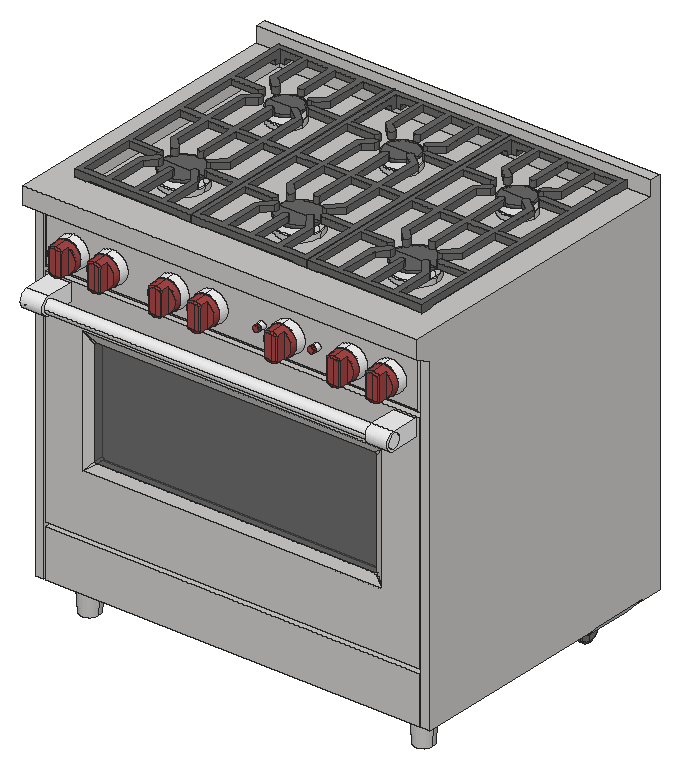
Revit family "3e45800c755b44e1bf6d2ba7461729b3", category Specialty Equipment, Revit 2021
Family settings
  Round Connector Dimension = Use Diameter
  Part Type = Normal
  OmniClass Number = 23.40.40.14
  OmniClass Title = Food Service Equipment
  Work Plane-Based = No
  Always vertical = Yes
  Cut with Voids When Loaded = No
  Shared = No
  Room Calculation Point = No
Parameters (values of type "Burners")
  Width = 2' - 11 7/8"
  Wall Offset = 0' - 0"
  Voltage = 120 V
  Type Comments = ""
  Trim Finish = Appliance - Chrome
  Show Label = yes
  Power Consumption = 500 VA
  Label = "Range"
  Knob = Appliance - Plastic - Red
  Height = 3' - 0.9685"
  Griddle = Appliance - Stainless Steel - Brushed
  Grate Width = (Width - 0' 4 1/4") / 3 - 0' 0 1/32" + 0' 0 1/32"  # 0' - 10.54167"
  Grate Depth = Depth - 0' 4 79/256"  # 1' - 11.25046"
  Glass = Appliance - Oven Glass
  Description = "Range"
  Depth = 2' - 3.55906"
  Default Elevation = 0' - 0"
  Center Grate = Cook Surface : Burners
  Center Burners = yes
  Burner = Appliance - Burner Cover
  Assembly Code = "E1090320"
  Appliance Finish = Appliance - Stainless Steel - Semi-Polished
  Amperage = Power Consumption / Voltage  # 4.16667 A
Types (3): name | Height | Grate Depth | Depth | Center Grate | Center Burners
  Burners | 3' - 0.9685" | 1' - 11.25046" | 2' - 3.55906" | Cook Surface : Burners | yes
  Griddle | 3' - 0 31/32" | 1' - 11 1/4" | 2' - 3 143/256" | Cook Surface : Griddle | no
  Grill | 3' - 0.9685" | 1' - 11.25046" | 2' - 3.55906" | Cook Surface : Grill | no
Reference planes (in)
  plane 1 "Back": y = 0
  plane 2: z = 0
  plane 3 "Center (Left/Right)": x = 0
  plane 4 "Left": x = -17.9375
  plane 5 "Right": x = 17.9375
  plane 6: y = 0
  plane 7 "Edge": y = -27.559056
  plane 8 "Door Back": y = -24.2519694
  plane 9 "Top": z = 36.9685049
  plane 10 "B.O. Unit": z = 3.1496065
  plane 11 "Burner": z = 35.5905504
  plane 12: z = 7.8740158
  plane 13 "Handle": z = 27.4013309
  plane 14 "Knobs": z = 30.8552971
  plane 15 "Door Face": y = -26.1417332
  plane 16: y = -24.9606308
  plane 17: z = 2.2834645
  plane 18: z = 1.1023622
  plane 19 "Wheels": y = -4.7244101
  plane 20: z = 1
  plane 21: x = 15.75
  plane 22 "3": x = -15.875
  plane 23: x = 9.425
  plane 24: x = -9.55
  plane 25: x = -17.9375
  plane 26: x = -3.225
  plane 27: x = 3.1
  plane 28: x = -14.4375
  plane 29: x = -10.8941928
  plane 30: x = 14.4375
  plane 31: x = 10.8941946
  plane 32: x = 5.89375
  plane 33: z = 34.3330736
  plane 34: x = -17.9375
  plane 35: x = 0
  plane 36: y = -37.559056
  plane 37: x = 0.4
  plane 38: x = 1.2
  plane 39: x = 11.15625
  plane 40 "1": x = -5.3333333
  plane 41: x = 3.9583333
  plane 42 "2": x = 5.2083333
  plane 43: x = -19.1875
  plane 44: x = 7.625
  plane 45: x = -1.8020833
  plane 46: x = 1.6770833
  plane 47: x = 2.7083333
  plane 48: x = 7.7083333
Forms (in)
  Extrusion 1, void
    sketch origin (0, 0, 36.9685049) x (-1, 0, 0) y (0, -1, 0)
      loop
        line (15.875, 1) -> (15.875, 24.2519694) -> (-15.75, 24.2519694) -> (-15.75, 1) -> (15.875, 1)
    from 0 to -2.6354313
  Extrusion 2, solid, material "Appliance - Stainless Steel - Semi-Polished" <- "Appliance Finish"
    sketch origin (0, 0, 0) x (0, 1, 0) y (0, 0, 1)
      loop
        line (-1, 36.9685049) -> (-1, 35.5905504) -> (-27.559056, 35.5905504) -> (-27.559056, 34.015749) -> (-26.1417332, 33.2283468) -> (-26.1417332, 3.1496065) -> (0, 3.1496065) -> (0, 36.9685049) -> (-1, 36.9685049)
    from -17.9375 to 17.9375
  Extrusion 3, void
    sketch origin (0, -26.1417332, 0) x (0, 0, 1) y (-1, 0, 0)
      loop
        line (33.2283468, 17.1500984) -> (3.1496065, 17.1500984) -> (3.1496065, -17.1501007) -> (33.2283468, -17.1501007) -> (33.2283468, 17.1500984)
    from -1.8897638 to 0
  Extrusion 4, solid, material "Appliance - Stainless Steel - Semi-Polished" <- "Appliance Finish"
    sketch origin (0, 0, 0) x (0, 1, 0) y (0, 0, 1)
      loop
        line (-24.9606308, 7.4803147) -> (-26.1417332, 7.4803147) -> (-26.1417332, 3.1496065) -> (-24.9606308, 3.1496065) -> (-24.9606308, 7.4803147)
      loop
        line (-24.2519694, 33.2283468) -> (-26.1417332, 33.2283468) -> (-26.1417332, 28.7401571) -> (-24.2519694, 28.7401571) -> (-24.2519694, 33.2283468)
      loop
        line (-24.9606308, 28.3464575) -> (-26.1417332, 28.3464575) -> (-26.1417332, 7.8740158) -> (-24.9606308, 7.8740158) -> (-24.9606308, 28.3464575)
    from -17.0234375 to 17.0234375
  Extrusion 5, void
    sketch origin (0, -26.1417332, 0) x (0, 0, 1) y (-1, 0, 0)
      loop
        arc (23.8186522, 12.65625) -> (23.7637347, 12.7888325) -> (23.6311522, 12.84375) r 0.1875
        line (23.6311522, 12.84375) -> (14.1638775, 12.84375)
        arc (14.1638775, 12.84375) -> (14.031295, 12.7888325) -> (13.9763775, 12.65625) r 0.1875
        line (13.9763775, 12.65625) -> (13.9763775, -12.651577)
        arc (13.9763775, -12.651577) -> (14.031295, -12.7841595) -> (14.1638775, -12.839077) r 0.1875
        line (14.1638775, -12.839077) -> (23.6311522, -12.839077)
        arc (23.6311522, -12.839077) -> (23.7637347, -12.7841595) -> (23.8186522, -12.651577) r 0.1875
        line (23.8186522, -12.651577) -> (23.8186522, 12.65625)
    from -1.8897638 to -0.3937008
  Blend 6, void
    base sketch origin (0, -26.1417332, 0) x (0, 0, 1) y (-1, 0, 0)
      loop
        line (24.6060543, 13.625) -> (13.1889768, 13.625) -> (13.1889768, -13.6264791) -> (24.6060543, -13.6264791) -> (24.6060543, 13.625)
    top sketch origin (0, -26.1417332, 0) x (0, 0, 1) y (-1, 0, 0)
      loop
        line (23.8186522, -12.651577) -> (23.8186522, 12.65625)
        arc (23.8186522, 12.65625) -> (23.7637347, 12.7888325) -> (23.6311522, 12.84375) r 0.1875
        line (23.6311522, 12.84375) -> (14.1638775, 12.84375)
        arc (14.1638775, 12.84375) -> (14.031295, 12.7888325) -> (13.9763775, 12.65625) r 0.1875
        line (13.9763775, 12.65625) -> (13.9763775, -12.651577)
        arc (13.9763775, -12.651577) -> (14.031295, -12.7841595) -> (14.1638775, -12.839077) r 0.1875
        line (14.1638775, -12.839077) -> (23.6311522, -12.839077)
        arc (23.6311522, -12.839077) -> (23.7637347, -12.7841595) -> (23.8186522, -12.651577) r 0.1875
    from 0 to -0.3937008
  Extrusion 7, solid, material "Appliance - Oven Glass" <- "Glass"
    sketch origin (0, -26.1417332, 0) x (0, 0, 1) y (-1, 0, 0)
      loop
        line (23.8186522, -12.651577) -> (23.8186522, 12.65625)
        arc (23.8186522, 12.65625) -> (23.7637347, 12.7888325) -> (23.6311522, 12.84375) r 0.1875
        line (23.6311522, 12.84375) -> (14.1638775, 12.84375)
        arc (14.1638775, 12.84375) -> (14.031295, 12.7888325) -> (13.9763775, 12.65625) r 0.1875
        line (13.9763775, 12.65625) -> (13.9763775, -12.651577)
        arc (13.9763775, -12.651577) -> (14.031295, -12.7841595) -> (14.1638775, -12.839077) r 0.1875
        line (14.1638775, -12.839077) -> (23.6311522, -12.839077)
        arc (23.6311522, -12.839077) -> (23.7637347, -12.7841595) -> (23.8186522, -12.651577) r 0.1875
    from -0.3937008 to -0.8945312
  Blend 8, solid, material "Appliance - Stainless Steel - Semi-Polished" <- "Appliance Finish"
    base sketch origin (0, 0, 3.1496065) x (-1, 0, 0) y (0, -1, 0)
      loop
        line (17.9375, 1.968504) -> (17.9375, 7.4803162) -> (12.4252268, 7.4803162) -> (12.4252268, 1.968504) -> (17.9375, 1.968504)
    top sketch origin (0, 0, 3.1496065) x (-1, 0, 0) y (0, -1, 0)
      loop
        line (17.1496363, 2.7559061) -> (17.1496363, 6.692914) -> (13.2126286, 6.692914) -> (13.2126286, 2.7559061) -> (17.1496363, 2.7559061)
    from 0 to -0.866142
  Blend 9, solid, material "Appliance - Stainless Steel - Semi-Polished" <- "Appliance Finish"
    base sketch origin (0, 0, 3.1496065) x (1, 0, 0) y (0, 1, 0)
      loop
        line (17.9375, -1.968504) -> (12.4252268, -1.968504) -> (12.4252268, -7.4803162) -> (17.9375, -7.4803162) -> (17.9375, -1.968504)
    top sketch origin (0, 0, 3.1496065) x (1, 0, 0) y (0, 1, 0)
      loop
        line (17.1496363, -2.7559061) -> (13.2126286, -2.7559061) -> (13.2126286, -6.692914) -> (17.1496363, -6.692914) -> (17.1496363, -2.7559061)
    from 0 to -0.866142
  Blend 10, solid, material "Appliance - Stainless Steel - Semi-Polished" <- "Appliance Finish"
    base sketch origin (0, 0, 3.1496065) x (-1, 0, 0) y (0, -1, 0)
      loop
        circle (-15.1811347, 23.3858276) r 0.984252
    top sketch origin (0, 0, 3.1496065) x (-1, 0, 0) y (0, -1, 0)
      loop
        circle (-15.2008185, 23.3858276) r 0.8633028
    from 0 to -3.1496065
  Blend 11, solid, material "Appliance - Stainless Steel - Semi-Polished" <- "Appliance Finish"
    base sketch origin (0, 0, 3.1496065) x (1, 0, 0) y (0, 1, 0)
      loop
        circle (-15.1811347, -23.3858276) r 1.109252
    top sketch origin (0, 0, 3.1496065) x (1, 0, 0) y (0, 1, 0)
      loop
        circle (-15.2008185, -23.3858276) r 0.8633028
    from 0 to -3.1496065
  Extrusion 12, solid, material "Appliance - Stainless Steel - Semi-Polished" <- "Appliance Finish"
    sketch origin (0, 0, 0) x (1, 0, 0) y (0, 0, 1)
      loop
        line (-16.3622347, 2.2834645) -> (-15.5748333, 1.1023622) -> (-15.4404829, 1.1023622) -> (-15.4404829, 2.2834645) -> (-16.3622347, 2.2834645)
      loop
        line (-14.7874315, 1.1023622) -> (-14.00003, 2.2834645) -> (-14.921782, 2.2834645) -> (-14.921782, 1.1023622) -> (-14.7874315, 1.1023622)
      loop
        line (16.3622347, 2.2834645) -> (15.4404829, 2.2834645) -> (15.4404829, 1.1023622) -> (15.5748333, 1.1023622) -> (16.3622347, 2.2834645)
      loop
        line (14.7874315, 1.1023622) -> (14.921782, 1.1023622) -> (14.921782, 2.2834645) -> (14.00003, 2.2834645) -> (14.7874315, 1.1023622)
    from 3.5433083 to 5.9055133
  Revolve 13, solid, material "Appliance - Rubber"
    sketch origin (0, -4.7244101, 0) x (0, 0, 1) y (-1, 0, 0)
      loop
        line (1, 15.109282) -> (1.192074, 15.109282) -> (1.192074, 15.234282) -> (1.3350632, 15.234282) -> (1.3350632, 15.203032)
        arc (1.3350632, 15.203032) -> (1.362522, 15.1367408) -> (1.4288132, 15.109282) r 0.09375
        line (1.4288132, 15.109282) -> (1.90625, 15.109282)
        arc (1.90625, 15.109282) -> (1.9725413, 15.1367408) -> (2, 15.203032) r 0.09375
        line (2, 15.203032) -> (2, 15.4092329)
        arc (2, 15.4092329) -> (1.9725413, 15.4755242) -> (1.90625, 15.5029829) r 0.09375
        line (1.90625, 15.5029829) -> (1.4288132, 15.5029829)
        arc (1.4288132, 15.5029829) -> (1.362522, 15.4755242) -> (1.3350632, 15.4092329) r 0.09375
        line (1.3350632, 15.4092329) -> (1.3350632, 15.3779829) -> (1.192074, 15.3779829) -> (1.192074, 15.5029829) -> (1, 15.5029829) -> (1, 15.109282)
      loop
        line (1, -14.984282) -> (1, -15.3779829) -> (1.192074, -15.3779829) -> (1.192074, -15.2529829) -> (1.3350632, -15.2529829) -> (1.3350632, -15.2842329)
        arc (1.3350632, -15.2842329) -> (1.362522, -15.3505242) -> (1.4288132, -15.3779829) r 0.09375
        line (1.4288132, -15.3779829) -> (1.90625, -15.3779829)
        arc (1.90625, -15.3779829) -> (1.9725413, -15.3505242) -> (2, -15.2842329) r 0.09375
        line (2, -15.2842329) -> (2, -15.078032)
        arc (2, -15.078032) -> (1.9725413, -15.0117408) -> (1.90625, -14.984282) r 0.09375
        line (1.90625, -14.984282) -> (1.4288132, -14.984282)
        arc (1.4288132, -14.984282) -> (1.362522, -15.0117408) -> (1.3350632, -15.078032) r 0.09375
        line (1.3350632, -15.078032) -> (1.3350632, -15.109282) -> (1.192074, -15.109282) -> (1.192074, -14.984282) -> (1, -14.984282)
      axis (1, 15.5029829) -> (1, -15.3779829)
    angle from 0 to 360
  Sweep 14, void
    path in 3D
      loop
        line (-17.0234375, -26.1417332, 33.2283468) -> (-17.0234375, -26.1417332, 28.7401571) -> (17.0234375, -26.1417332, 28.7401571) -> (17.0234375, -26.1417332, 33.2283468) -> (-17.0234375, -26.1417332, 33.2283468)
    profile "Round : 1/8"" origin (0, -26.1417332, 33.2283468) x (0, -1, 0) y (0, 0, 1)
      loop
        line (0, 0) -> (-0.125, 0)
        arc (-0.125, 0) -> (-0.0366117, -0.0366117) -> (0, -0.125) r 0.125
        line (0, -0.125) -> (0, 0)
Cuts and joins
  Extrusion 1, Extrusion 3, Sweep 14 cuts Extrusion 2
  Extrusion 5, Blend 6, Sweep 14 cuts Extrusion 4
Lines and regions (in)
  Split face 1
    outline origin (17.9375, 0, 3.1496065) x (-1, 0, 0) y (0, 0, 1)
      loop
        circle (5.6979908, 4.7244093) r 0.5
  Split face 2
    outline origin (17.9375, 0, 3.1496065) x (-1, 0, 0) y (0, 0, 1)
      loop
        circle (9.1750184, 4.7244093) r 0.5
  sketch lines
    curve 1: line (17.0234375, -26.1417332, 33.2283468) -> (-17.0234375, -26.1417332, 33.2283468)
    curve 2: line (17.0234375, -26.1417332, 33.2283468) -> (17.0234375, -26.1417332, 28.7401571)
    curve 3: line (17.0234375, -26.1417332, 28.7401571) -> (-17.0234375, -26.1417332, 28.7401571)
    curve 4: line (-17.0234375, -26.1417332, 28.7401571) -> (-17.0234375, -26.1417332, 33.2283468)
Dimensions and locks (in)
  equal spacing: plane 4 "Left", plane 3 "Center (Left/Right)", plane 5 "Right"
  "Width": plane 4 "Left" to plane 5 "Right"
  "Depth": plane 6 to plane 7 "Edge"
  "Wall Offset": plane 1 "Back" to plane 6
  "Height": plane 9 "Top" to level
  locked: plane 10 "B.O. Unit" to level at 3.1496065
  locked: plane 8 "Door Back" to plane 7 "Edge" at 3.3070866
  locked: plane 9 "Top" to plane 11 "Burner" at 1.3779545
  plane 13 "Handle" to level = 2' - 3.40133"
  locked: plane 11 "Burner" to plane 14 "Knobs" at 4.7352533
  locked: plane 6 to Extrusion 2 sketch curve at 1
  plane 6 to Extrusion 1 sketch curve = 0' - 1"
  locked: Extrusion 3 sketch curve to plane 14 "Knobs" at 2.3730497
  locked: plane 12 to plane 10 "B.O. Unit" at 4.7244093
  locked: plane 12 to Extrusion 4 sketch curve at 0.3937011
  locked: plane 16 to plane 15 "Door Face" at 1.1811023
  locked: Extrusion 5 sketch curve to plane 25 at 5.09375
  locked: plane 5 "Right" to Extrusion 5 sketch curve at 5.098423
  locked: Extrusion 5 sketch curve to plane 12 at 6.1023617
  locked: plane 13 "Handle" to Extrusion 5 sketch curve at 3.5826788
  locked: cut or joined group of Extrusion 4, Extrusion 5, Blend 6, Sweep 14 to plane 15 "Door Face" at 0.3937008
  locked: plane 5 "Right" to Blend 6 sketch curve at 4.3110209
  locked: plane 13 "Handle" to Blend 6 sketch curve at 2.7952766
  locked: Blend 6 sketch curve to plane 12 at 5.314961
  locked: cut or joined group of Extrusion 4, Extrusion 5, Blend 6, Sweep 14 to plane 4 "Left" at 0.9140625
  locked: plane 5 "Right" to cut or joined group of Extrusion 4, Extrusion 5, Blend 6, Sweep 14 at 0.9140625
  locked: plane 7 "Edge" to plane 15 "Door Face" at 1.4173229
  locked: plane 4 "Left" to Blend 8 sketch curve at 5.5122732
  plane 6 to Blend 8 sketch curve to Blend 8 sketch curve = 0' - 1.9685" locked, 0' - 5.51181" locked
  plane 4 "Left" to Blend 8 sketch curve to Blend 8 sketch curve = 0' - 0.78786" locked, 0' - 3.93701" locked
  plane 6 to Blend 8 sketch curve to Blend 8 sketch curve = 0' - 2.75591" locked, 0' - 3.93701" locked
  locked: plane 10 "B.O. Unit" to Blend 8 at 0.866142
  plane 5 "Right" to Blend 9 sketch curve to Blend 9 sketch curve = 0' - 0.78786" locked, 0' - 3.93701" locked
  plane 6 to Blend 9 sketch curve to Blend 9 sketch curve = 0' - 2.75591" locked, 0' - 3.93701" locked
  locked: Blend 9 sketch curve to plane 5 "Right" at 5.5122732
  plane 6 to Blend 9 sketch curve to Blend 9 sketch curve = 0' - 1.9685" locked, 0' - 5.51181" locked
  locked: plane 10 "B.O. Unit" to Blend 9 at 0.866142
  locked: plane 4 "Left" to Blend 11 sketch curve at 2.7366815
  locked: plane 15 "Door Face" to Blend 11 sketch curve at 2.7559056  (x2)
  locked: plane 4 "Left" to Blend 11 sketch curve at 2.7563653
  locked: Blend 10 sketch curve to plane 5 "Right" at 2.7366815
  locked: plane 15 "Door Face" to Blend 10 sketch curve at 2.7559056  (x2)
  locked: Blend 10 sketch curve to plane 5 "Right" at 2.7563653
  plane 10 "B.O. Unit" to plane 17 to plane 18 = 0' - 0.86614" locked, 0' - 1.1811" locked
  Extrusion 12 sketch curve to Extrusion 12 sketch curve to Extrusion 12 sketch curve to Extrusion 12 sketch curve to Extrusion 12 sketch curve to Extrusion 12 sketch curve to plane 4 "Left" = 0' - 0.7874" locked, 0' - 0.13435" locked, 0' - 0.5187" locked, 0' - 0.13435" locked, 0' - 0.7874" locked, 0' - 1.57527" locked
  plane 5 "Right" to Extrusion 12 sketch curve to Extrusion 12 sketch curve to Extrusion 12 sketch curve to Extrusion 12 sketch curve to Extrusion 12 sketch curve to Extrusion 12 sketch curve = 0' - 1.57527" locked, 0' - 0.7874" locked, 0' - 0.13435" locked, 0' - 0.5187" locked, 0' - 0.13435" locked, 0' - 0.7874" locked
  plane 6 to Extrusion 12 to Extrusion 12 = 0' - 3.54331" locked, 0' - 2.36221" locked
  plane 6 to plane 19 "Wheels" = 0' - 4.72441"
  locked: plane 20 to level at 1
  locked: plane 21 to plane 5 "Right" at 2.1875
  plane 4 "Left" to plane 22 "3" = 0' - 2 1/16"
  "Width": plane 5 "Right" to plane 25
  Blend 6 sketch curve to plane 25 = 0' - 5 3/32"
  plane 5 "Right" to Blend 6 sketch curve = 0' - 5.09842"
  Blend 6 sketch curve to plane 25 = 0' - 4 5/16"
  locked: Extrusion 7 sketch curve to plane 25 at 5.09375
  equal spacing: plane 22 "3", plane 24, plane 26, plane 27, plane 23, plane 21
  plane 29 to plane 28 to plane 4 "Left" = 0' - 3.54331" locked, 0' - 3 1/2" locked
  plane 5 "Right" to plane 30 to plane 31 = 0' - 3 1/2" locked, 0' - 3.54331" locked
  locked: plane 23 to plane 32 at 3.53125
  locked: plane 9 "Top" to plane 33 at 2.6354313
  Extrusion 4 sketch curve to plane 14 "Knobs" to Extrusion 4 sketch curve = 0' - 2.11514" locked, 0' - 2.37305" locked
  locked: plane 13 "Handle" to Extrusion 4 sketch curve at 0.9451265
  locked: plane 14 "Knobs" to plane 13 "Handle" at 3.4539661
  equal spacing: plane 4 "Left", plane 34, plane 25
  equal spacing: plane 25, plane 35, plane 5 "Right"
  locked: plane 7 "Edge" to plane 36 at 10
  plane 22 "3" to plane 40 "1" to plane 41 to plane 21 = 0' - 10.54167", 0' - 9.29167", 0' - 11.79167"  (x2)
  plane 28 to plane 29 = 0' - 3.54331"
  locked: plane 25 to plane 43 at 1.25
  plane 39 to plane 44 = 0' - 3 17/32"
  locked: plane 45 to plane 40 "1" at 3.53125
  locked: plane 42 "2" to plane 46 at 3.53125
  equal spacing: plane 22 "3", plane 40 "1", plane 42 "2", plane 21
  locked: plane 34 to plane 22 "3" at 2.0625
  locked: plane 42 "2" to plane 47 at 2.5
  locked: plane 48 to plane 42 "2" at 2.5
  aligned and locked: plane 2 to level
  aligned and locked: plane 9 "Top" to Extrusion 2 sketch curve
  aligned and locked: plane 5 "Right" to Extrusion 2
  aligned and locked: Extrusion 2 to plane 4 "Left"
  aligned and locked: Extrusion 2 sketch curve to plane 10 "B.O. Unit"
  aligned and locked: Extrusion 2 sketch curve to plane 15 "Door Face"
  aligned and locked: plane 7 "Edge" to Extrusion 2 sketch curve
  aligned and locked: plane 11 "Burner" to Extrusion 2 sketch curve
  aligned and locked: Extrusion 2 sketch curve to plane 6
  aligned and locked: Extrusion 3 sketch curve to plane 10 "B.O. Unit"
  aligned and locked: plane 8 "Door Back" to Extrusion 3
  aligned and locked: plane 15 "Door Face" to Extrusion 3
  aligned and locked: Extrusion 4 sketch curve to plane 15 "Door Face"  (x3)
  aligned and locked: plane 10 "B.O. Unit" to Extrusion 4 sketch curve
  aligned and locked: Extrusion 4 sketch curve to plane 8 "Door Back"
  aligned and locked: plane 12 to Extrusion 4 sketch curve
  aligned and locked: Extrusion 4 sketch curve to plane 16  (x2)
  aligned and locked: plane 15 "Door Face" to nested 2
  aligned and locked: plane 8 "Door Back" to Extrusion 5
  aligned and locked: plane 4 "Left" to Blend 8 sketch curve
  aligned and locked: plane 5 "Right" to Blend 9 sketch curve
  aligned and locked: Blend 10 to level
  aligned and locked: plane 10 "B.O. Unit" to Blend 10
  aligned and locked: plane 10 "B.O. Unit" to Blend 9
  aligned and locked: plane 10 "B.O. Unit" to Blend 8
  aligned and locked: plane 17 to Extrusion 12 sketch curve  (x2)
  aligned and locked: Extrusion 12 sketch curve to plane 18  (x2)
  aligned and locked: Extrusion 12 sketch curve to plane 17  (x2)
  aligned and locked: plane 18 to Extrusion 12 sketch curve  (x2)
  aligned and locked: plane 20 to Revolve 13 sketch curve  (x2)
  aligned and locked: Revolve 13 sketch curve to plane 20
  aligned and locked: plane 15 "Door Face" to nested 3
  aligned and locked: plane 15 "Door Face" to nested 4
  aligned and locked: plane 15 "Door Face" to nested 5
  aligned and locked: plane 15 "Door Face" to nested 6
  aligned and locked: nested 3 to plane 14 "Knobs"
  aligned and locked: nested 4 to plane 14 "Knobs"
  aligned and locked: nested 5 to plane 14 "Knobs"
  aligned and locked: nested 6 to plane 14 "Knobs"
  aligned and locked: plane 15 "Door Face" to nested 7
  aligned and locked: nested 7 to plane 14 "Knobs"
  aligned and locked: plane 22 "3" to Extrusion 1 sketch curve
  aligned and locked: Extrusion 1 sketch curve to plane 21
  aligned and locked: nested 8 to plane 8 "Door Back"
  aligned and locked: nested 9 to plane 14 "Knobs"
  aligned and locked: nested 10 to plane 14 "Knobs"
  aligned and locked: plane 15 "Door Face" to nested 10
  aligned and locked: plane 15 "Door Face" to nested 9
  aligned and locked: plane 28 to nested 7
  aligned and locked: plane 29 to nested 6
  aligned and locked: plane 30 to nested 9
  aligned and locked: plane 31 to nested 4
  aligned and locked: plane 33 to nested 8
  aligned and locked: nested 2 to plane 13 "Handle"
  aligned and locked: nested 1 to plane 36
  aligned and locked: nested 11 to plane 14 "Knobs"
  aligned and locked: nested 12 to plane 14 "Knobs"
  aligned and locked: plane 15 "Door Face" to nested 11
  aligned and locked: plane 15 "Door Face" to nested 12
  aligned and locked: nested 8 to plane 22 "3"
  aligned and locked: plane 40 "1" to nested 13
  aligned and locked: plane 42 "2" to nested 14
  aligned and locked: plane 40 "1" to nested 3
  aligned and locked: plane 45 to nested 10
  aligned and locked: plane 42 "2" to nested 5
  aligned and locked: plane 8 "Door Back" to nested 13
  aligned and locked: plane 8 "Door Back" to nested 14
  aligned and locked: plane 33 to nested 13
  aligned and locked: plane 33 to nested 14
  aligned and locked: plane 3 "Center (Left/Right)" to nested 2
  aligned and locked: plane 47 to nested 11
  aligned and locked: plane 48 to nested 12
  aligned and locked: plane 3 "Center (Left/Right)" to nested 1
Automatic sketch dimensions
  Extrusion 1 sketch curve to plane 8 "Door Back" = 0' - 0"
  Extrusion 2 sketch curve to plane 11 "Burner" = 0' - 2.3622"
  Extrusion 2 sketch curve to Extrusion 2 sketch curve = 0' - 1.5748"
  Extrusion 3 sketch curve to plane 5 "Right" = 0' - 0.7874"
  plane 4 "Left" to Extrusion 3 sketch curve = 0' - 0.7874"
  Extrusion 5 sketch curve to Extrusion 5 sketch curve = 0' - 0 3/16"  (x4)
  plane 12 to Blend 6 sketch curve = 0' - 6.10236"
  Blend 6 sketch curve to Blend 6 sketch curve = 0' - 0 3/16"  (x3)
  plane 13 "Handle" to Blend 6 sketch curve = 0' - 3.77018"  (x2)
  Blend 6 sketch curve to plane 21 = 0' - 3.09842"
  plane 12 to Extrusion 7 sketch curve = 0' - 6.10236"
  Extrusion 7 sketch curve to Extrusion 7 sketch curve = 0' - 0 3/16"  (x3)
  plane 13 "Handle" to Extrusion 7 sketch curve = 0' - 3.77018"  (x2)
  Extrusion 7 sketch curve to plane 21 = 0' - 3.09842"
  plane 21 to Blend 10 sketch curve = 0' - 0.41539"
  plane 22 "3" to Blend 11 sketch curve = 0' - 0.41539"
  Revolve 13 sketch curve to Revolve 13 sketch curve = 0' - 0.19207"  (x3)
  plane 20 to Revolve 13 sketch curve = 0' - 0.19207"
  Revolve 13 sketch curve to Revolve 13 sketch curve = 0' - 0.14299"  (x4)
  Revolve 13 sketch curve to Revolve 13 sketch curve = 0' - 0 3/32"  (x6)
  Revolve 13 sketch curve to Revolve 13 sketch curve = 0' - 0.47744"  (x2)
  Revolve 13 sketch curve to Revolve 13 sketch curve = 0' - 0"  (x4)
  Revolve 13 sketch curve to plane 21 = 0' - 0.37202"
  Revolve 13 sketch curve to Revolve 13 sketch curve = 0' - 0 1/8"  (x4)
  Revolve 13 sketch curve to Revolve 13 sketch curve = 0' - 0.1437"  (x2)
  Revolve 13 sketch curve to Revolve 13 sketch curve = 0' - 0.2062"
  plane 22 "3" to Revolve 13 sketch curve = 0' - 0.76572"
  Revolve 13 sketch curve to Revolve 13 sketch curve = 0' - 0 1/32"
  Revolve 13 sketch curve to Revolve 13 sketch curve = 0' - 1.59809"
  Revolve 13 sketch curve to plane 22 "3" = 0' - 0.59658"
  Split face 1 sketch curve to cut or joined group of Extrusion 1, Extrusion 2, Extrusion 3, Sweep 14 = 0' - 5.69799"
  Split face 1 sketch curve to cut or joined group of Extrusion 1, Extrusion 2, Extrusion 3, Sweep 14 = 0' - 4.72441"
  Split face 2 sketch curve to cut or joined group of Extrusion 1, Extrusion 2, Extrusion 3, Sweep 14 = 0' - 9.17502"
  Split face 2 sketch curve to cut or joined group of Extrusion 1, Extrusion 2, Extrusion 3, Sweep 14 = 0' - 4.72441"
  radius of Blend 10 sketch curve = 0' - 0.8633"
  radius of Blend 11 sketch curve = 0' - 0.8633"
  radius of Split face 1 sketch curve = 0' - 0 1/2"
  radius of Split face 2 sketch curve = 0' - 0 1/2"
Nested families (in)
  nested 1: "Label Annotation 3-32" at (0, -37.559056, 0), visible <- "Show Label", type "Label Annotation 3-32"
  nested 2: "Handle" at (0, -26.1417332, 27.4013309), Unit Width <- "Width", Finish <- "Trim Finish", type "Handle", detail levels medium+fine
    with Unit Width 2' - 11 7/8", Finish Appliance - Chrome
  nested 3: "Knob 1" at (-5.3333333, -26.1417332, 30.8552971), type "Knob 1", detail levels medium+fine
  nested 4: "Knob 1" at (10.8941946, -26.1417332, 30.8552971), type "Knob 1", detail levels medium+fine
  nested 5: "Knob 1" at (5.2083333, -26.1417332, 30.8552971), type "Knob 1", detail levels medium+fine
  nested 6: "Knob 1" at (-10.8941928, -26.1417332, 30.8552971), type "Knob 1", detail levels medium+fine
  nested 7: "Knob 1" at (-14.4375, -26.1417332, 30.8552971), type "Knob 1", detail levels medium+fine
  nested 8: "Cook Surface" at (-10.5975134, -12.6267383, 34.3330736), type "Burners"
    with Grate Width 0' - 10.54167", Grate Depth 1' - 11.25046"
  nested 9: "Knob 1" at (14.4375, -26.1417332, 30.8552971), type "Knob 1", detail levels medium+fine
  nested 10: "Knob 1" at (-1.8020833, -26.1417332, 30.8552971), visible <- "Center Burners", type "Knob 1", detail levels medium+fine
  nested 11: "Knob 2" at (2.7083333, -26.1417332, 30.8552971), type "Knob 2", detail levels medium+fine
  nested 12: "Knob 2" at (7.7083333, -26.1417332, 30.8552971), type "Knob 2", detail levels medium+fine
  nested 13: "Cook Surface" at (-0.0558467, -12.6267383, 34.3330736), type <- "Center Grate", type "Burners"
    with Grate Width 0' - 10.54167", Grate Depth 1' - 11.25046"
  nested 14: "Cook Surface" at (10.4858199, -12.6267383, 34.3330736), type "Burners"
    with Grate Width 0' - 10.54167", Grate Depth 1' - 11.25046"
Connectors (in)
  electrical at (12.2395092, 0, 7.8740158), driven by "Voltage", driven by "Power Consumption"
    settings: on cut or joined group of Extrusion 1, Extrusion 2, Extrusion 3, Sweep 14, index 1, voltage 120 V, apparent load 500 VA, apparent load phase1 0 VA, apparent load phase2 0 VA, apparent load phase3 0 VA, power factor 1, load classification "Appliance", number of poles 1, system type 30, power factor state 1, is connector primary yes, connector utility no, sub classification motor no, connector description "Range Power"
  piping at (8.7624816, 0, 7.8740158), diameter 0.5
    settings: on cut or joined group of Extrusion 1, Extrusion 2, Extrusion 3, Sweep 14, index 2, connector inside diameter 24", connector length 0' - 0", flow factor 0, pipe flow 0 GPM, pressure drop 0.00 psi, fitting loss kfactor 0, connector angle 0.00°, fixture units 0, engagement length 0' - 0", angle of deflection 0.00°, flow configuration 1, flow direction 1, fitting loss method 0, system type 22, joint type 0, gender type 0, connector reference index -1, connector utility 0, adjustable connector no, is connector primary yes, connector description "Range Gas"
Definition of nested family "Handle"
  Parameters (values of type "Handle")
    Unit Width [instance] = 3' - 0"
    Handle Projection = 0' - 2 1/2"
    Handle Offset B = 0' - 1 1/4"
    Handle Offset A = 0' - 1 1/4"
    Finish [instance] = none
    Default Elevation = 0' - 0"
  Reference planes (in)
    plane 1 "Center (Front/Back)": y = 0
    plane 2: z = 0
    plane 3 "Center (Left/Right)": x = 0
    plane 4 "Surface A": x = -18
    plane 5 "Surface B": x = 18
    plane 6 "Handle A": x = -16.75
    plane 7 "Handle B": x = 16.75
    plane 8: y = -2.5
    plane 9: x = -14.78125
    plane 10: x = 14.78125
    plane 11: y = -1.875
  Forms (in)
    Extrusion 1, solid, material <- "Finish", detail levels medium+fine
      sketch origin (-16.75, 0, 0) x (0, 0, 1) y (0, -1, 0)
        loop
          line (0.7874022, 0) -> (0.7874022, 2.5)
          arc (0.7874022, 2.5) -> (0, 3.2874022) -> (-0.7874022, 2.5) r 0.7874022
          line (-0.7874022, 2.5) -> (-0.7874022, 0) -> (0.7874022, 0)
        loop
          circle (0, 2.5) r 0.5915109
      from 0 to 1.96875
    Extrusion 2, solid, material <- "Finish", detail levels medium+fine
      sketch origin (16.75, 0, 0) x (0, 0, 1) y (0, -1, 0)
        loop
          line (-0.7874022, 0) -> (0.7874022, 0) -> (0.7874022, 2.5)
          arc (0.7874022, 2.5) -> (0, 3.2874022) -> (-0.7874022, 2.5) r 0.7874022
          line (-0.7874022, 2.5) -> (-0.7874022, 0)
        loop
          circle (0, 2.5) r 0.5915109
      from 0 to -1.96875
    Extrusion 3, solid, material <- "Finish", detail levels medium+fine
      sketch origin (0, 0, 0) x (0, 1, 0) y (0, 0, 1)
        loop
          circle (-2.5, 0) r 0.5915109
      from -16.75 to 16.75
  Cuts and joins
    joined: Extrusion 1, Extrusion 2
  Dimensions and locks (in)
    "Unit Width": plane 5 "Surface B" to plane 4 "Surface A"
    equal spacing: plane 5 "Surface B", plane 3 "Center (Left/Right)", plane 4 "Surface A"
    "Handle Offset A": plane 6 "Handle A" to plane 4 "Surface A"
    "Handle Offset B": plane 5 "Surface B" to plane 7 "Handle B"
    "Handle Projection": plane 1 "Center (Front/Back)" to plane 8
    plane 6 "Handle A" to plane 9 = 0' - 1 31/32"
    plane 10 to plane 7 "Handle B" = 0' - 1 31/32"
    plane 8 to plane 11 = 0' - 0 5/8"
    aligned and locked: level to plane 2
    aligned and locked: Extrusion 1 sketch curve to plane 1 "Center (Front/Back)"
    aligned and locked: Extrusion 2 sketch curve to plane 1 "Center (Front/Back)"
    aligned and locked: cut or joined group of Extrusion 1, Extrusion 2 to plane 1 "Center (Front/Back)"
    aligned and locked: plane 8 to Extrusion 2 sketch curve
    aligned and locked: plane 8 to Extrusion 1 sketch curve
    aligned and locked: level to Extrusion 3 sketch curve
    aligned and locked: plane 8 to Extrusion 3 sketch curve
    aligned and locked: plane 7 "Handle B" to Extrusion 3
    aligned and locked: Extrusion 3 to plane 6 "Handle A"
    aligned and locked: Extrusion 2 sketch curve to Extrusion 3  (x2)
    aligned and locked: Extrusion 1 sketch curve to Extrusion 3  (x2)
    aligned and locked: plane 9 to cut or joined group of Extrusion 1, Extrusion 2
    aligned and locked: cut or joined group of Extrusion 1, Extrusion 2 to plane 10
  Automatic sketch dimensions
    Extrusion 1 sketch curve to level = 0' - 0.7874"
    level to Extrusion 1 sketch curve = 0' - 0"
    Extrusion 2 sketch curve to Extrusion 2 sketch curve = 0' - 0.7874"
    Extrusion 2 sketch curve to level = 0' - 0.7874"
    radius of Extrusion 3 sketch curve = 0' - 0.59151"
Definition of nested family "Knob 1"
  Parameters
    Material = none
    Default Elevation = 0' - 0"
    Bezel Material = none
  Reference planes (in)
    plane 1 "Center (Front/Back)": y = 0
    plane 2: z = 0
    plane 3 "Center (Left/Right)": x = 0
    plane 4: y = -1.3779528
    plane 5: y = -2.1653543
  Forms (in)
    Revolve 1, solid, material <- "Material"
      sketch origin (0, 0, 0) x (0, 1, 0) y (0, 0, 1)
        loop
          line (0, 1.3779516) -> (-0.7874016, 1.2992134) -> (-0.7874016, 1.2598429) -> (-2.0742818, 1.2230744)
          arc (-2.0742818, 1.2230744) -> (-2.1388356, 1.1947004) -> (-2.1653543, 1.1293627) r 0.09375
          line (-2.1653543, 1.1293627) -> (-2.1653543, 0) -> (0, 0) -> (0, 1.3779516)
        axis (0, 0) -> (-2.1653543, 0)
      angle from 0 to 360
    Extrusion 2, void
      sketch origin (0, 0, 0) x (1, 0, 0) y (0, 1, 0)
        loop
          line (1.24297, -1.3779528) -> (0.5905516, -1.3779528) -> (0.5905516, -2.0716043)
          arc (0.5905516, -2.0716043) -> (0.5630929, -2.1378956) -> (0.4968016, -2.1653543) r 0.09375
          line (0.4968016, -2.1653543) -> (1.24297, -2.1653543) -> (1.24297, -1.3779528)
        loop
          line (-1.24297, -1.3779528) -> (-1.24297, -2.1653543) -> (-0.4968016, -2.1653543)
          arc (-0.4968016, -2.1653543) -> (-0.5630929, -2.1378956) -> (-0.5905516, -2.0716043) r 0.09375
          line (-0.5905516, -2.0716043) -> (-0.5905516, -1.3779528) -> (-1.24297, -1.3779528)
      from -1.3682255 to 1.445227
  Cuts and joins
    Extrusion 2 cuts Revolve 1
  Dimensions and locks (in)
    plane 5 to plane 4 to plane 1 "Center (Front/Back)" = 0' - 0.7874" locked, 0' - 1.37795" locked
    aligned and locked: plane 2 to level
    aligned and locked: Revolve 1 sketch curve to level
    aligned and locked: plane 4 to Extrusion 2 sketch curve
    aligned and locked: Extrusion 2 sketch curve to plane 5
Definition of nested family "Cook Surface"
  Parameters (values of type "Burners")
    ShowGrate = yes
    Show Base = no
    Has Grill = no
    Has Griddle = no
    Griddle Right Extension = 0' - 0 1/8"
    Griddle Left Extension = 0' - 0 1/8"
    Griddle = none
    Grate Width = 1' - 0 209/256"
    Grate Thickness = 0' - 0 1/2"
    Grate Depth = 1' - 11 1/4"
    Grate = none
    Default Elevation = 0' - 0"
    Burner = none
    Has Burners = yes
    Show Burners = yes
  Reference planes (in)
    plane 1 "Center (Front/Back)": y = 0
    plane 2 "Bottom": z = 0
    plane 3 "Center (Left/Right)": x = -0.0066533
    plane 4 "T.O. Burner": z = 1.3421659
    plane 5 "Back Burner": y = 5.8125
    plane 6 "Front Burner": y = -5.8125
    plane 7: z = 2.4385786
    plane 8 "B.O. Grate": z = 0
    plane 9 "T.O. Pan": z = 0.7677155
    plane 10 "Back": y = 11.625
    plane 11 "Front": y = -11.625
    plane 12 "Left": x = -6.4148564
    plane 13 "Right": x = 6.4015499
    plane 14 "Surface Bottom": z = 1.8782988
    plane 15: x = -3.3357548
    plane 16: x = 2.8224483
    plane 17: x = 5.9015499
    plane 18: x = -5.9148564
    plane 19: y = 11.0625
    plane 20: y = 6.0625
    plane 21: y = 0.25
    plane 22: y = -0.25
    plane 23: y = -11.0625
    plane 24: x = -2.8357548
    plane 25: x = 3.3224483
    plane 26: x = -0.2722783
    plane 27: x = 0.2433467
    plane 28: y = 5.5625
    plane 29: y = -5.5625
    plane 30: y = -6.0625
    plane 31: x = -6.2898564
    plane 32: x = 6.2765499
  Forms (in)
    Extrusion 1, void
      sketch origin (17.0803554, 13.7784205, -33.4188623) x (1, 0, 0) y (0, 0, 1)
        loop
          arc (-11.6788055, 34.5110283) -> (-11.7520288, 34.687805) -> (-11.9288055, 34.7610283) r 0.25
          line (-11.9288055, 34.7610283) -> (-22.2452118, 34.7610283)
          arc (-22.2452118, 34.7610283) -> (-22.4219885, 34.687805) -> (-22.4952118, 34.5110283) r 0.25
          line (-22.4952118, 34.5110283) -> (-22.4952118, 34.1865778) -> (-11.6788055, 34.1865778) -> (-11.6788055, 34.5110283)
      from 2.1534205 to 27.3563425
    Extrusion 2, void
      sketch origin (17.0803554, 13.7784205, -33.4188623) x (0, 1, 0) y (0, 0, 1)
        loop
          arc (-3.1534205, 34.5110283) -> (-3.2266438, 34.687805) -> (-3.4034205, 34.7610283) r 0.25
          line (-3.4034205, 34.7610283) -> (-24.1534205, 34.7610283)
          arc (-24.1534205, 34.7610283) -> (-24.3301972, 34.687805) -> (-24.4034205, 34.5110283) r 0.25
          line (-24.4034205, 34.5110283) -> (-24.4034205, 34.1865778) -> (-3.1534205, 34.1865778) -> (-3.1534205, 34.5110283)
      from -23.4952118 to -10.6788055
    Revolve 3, solid, material <- "Burner", visible <- "Show Burners"
      sketch origin (0.0625, 5.8125, -33.4188623) x (1, 0, 0) y (0, 0, 1)
        loop
          line (-0.0691533, 33.4188623) -> (-0.0691533, 34.7341433) -> (-1.5365929, 34.7341433)
          arc (-1.5365929, 34.7341433) -> (-1.6118992, 34.6588369) -> (-1.5365929, 34.5835306) r 0.0753064
          line (-1.5365929, 34.5835306) -> (-1.4261797, 34.5835306) -> (-1.5314309, 33.9643529) -> (-1.6072836, 33.8632497) -> (-1.6072836, 33.4188623) -> (-0.0691533, 33.4188623)
        axis (-0.0691533, 34.7341433) -> (-0.0691533, 33.4188623)
      angle from 0 to 360
    Revolve 4, solid, material <- "Burner", visible <- "Show Burners"
      sketch origin (0, -5.8125, -33.4188623) x (1, 0, 0) y (0, 0, 1)
        loop
          line (-0.0066533, 33.4188623) -> (-0.0066533, 34.7341433) -> (-1.8959679, 34.7341433)
          arc (-1.8959679, 34.7341433) -> (-1.9712742, 34.6588369) -> (-1.8959679, 34.5835306) r 0.0753064
          line (-1.8959679, 34.5835306) -> (-1.7855547, 34.5835306) -> (-1.8908059, 33.9643529) -> (-1.9666586, 33.8632497) -> (-1.9666586, 33.4188623) -> (-0.0066533, 33.4188623)
        axis (-0.0066533, 34.7341433) -> (-0.0066533, 33.4188623)
      angle from 0 to 360
    Extrusion 5, solid, material <- "Grate", visible <- "Show Base", detail levels medium+fine
      sketch origin (0, 0, 0.7677155) x (-1, 0, 0) y (0, -1, 0)
        loop
          line (6.4148564, -11.625) -> (6.4148564, 11.625) -> (-6.4015499, 11.625) -> (-6.4015499, -11.625) -> (6.4148564, -11.625)
        loop
          line (5.5946229, -10.8047666) -> (5.5946229, 10.8047666) -> (-5.5890499, 10.8047666) -> (-5.5890499, -10.8047666) -> (5.5946229, -10.8047666)
      from 0 to 1.1105833
    Extrusion 6, solid, material <- "Grate", visible <- "Has Grill"
      sketch origin (0, 0, 0) x (1, 0, 0) y (0, 0, 1)
        loop
          line (-6.4148564, 1.8782988) -> (-5.9880797, 1.8782988) -> (-5.9880797, 2.2618019) -> (-6.1648564, 2.4385786) -> (-6.4148564, 2.4385786) -> (-6.4148564, 1.8782988)
        loop
          line (0.1879184, 1.8782988) -> (0.1879184, 2.4385786) -> (-0.2012249, 2.4385786) -> (-0.2012249, 1.8782988) -> (0.1879184, 1.8782988)
        loop
          line (-0.5903682, 1.8782988) -> (-0.5903682, 2.4385786) -> (-0.9795116, 2.4385786) -> (-0.9795116, 1.8782988) -> (-0.5903682, 1.8782988)
        loop
          line (-1.3686549, 1.8782988) -> (-1.3686549, 2.4385786) -> (-1.7577982, 2.4385786) -> (-1.7577982, 1.8782988) -> (-1.3686549, 1.8782988)
        loop
          line (-2.1469415, 1.8782988) -> (-2.1469415, 2.4385786) -> (-2.5360848, 2.4385786) -> (-2.5360848, 1.8782988) -> (-2.1469415, 1.8782988)
        loop
          line (-2.9252281, 1.8782988) -> (-2.9252281, 2.4385786) -> (-3.3143715, 2.4385786) -> (-3.3143715, 1.8782988) -> (-2.9252281, 1.8782988)
        loop
          line (-3.7035148, 1.8782988) -> (-3.7035148, 2.4385786) -> (-4.0926581, 2.4385786) -> (-4.0926581, 1.8782988) -> (-3.7035148, 1.8782988)
        loop
          line (-4.4818014, 1.8782988) -> (-4.4818014, 2.4385786) -> (-4.8709447, 2.4385786) -> (-4.8709447, 1.8782988) -> (-4.4818014, 1.8782988)
        loop
          line (-5.2600881, 1.8782988) -> (-5.2600881, 2.4385786) -> (-5.6492314, 2.4385786) -> (-5.6492314, 1.8782988) -> (-5.2600881, 1.8782988)
        loop
          line (6.4015499, 1.8782988) -> (6.4015499, 2.4385786) -> (6.1515499, 2.4385786) -> (5.9747732, 2.2618019) -> (5.9747732, 1.8782988) -> (6.4015499, 1.8782988)
        loop
          line (0.5770617, 1.8782988) -> (0.966205, 1.8782988) -> (0.966205, 2.4385786) -> (0.5770617, 2.4385786) -> (0.5770617, 1.8782988)
        loop
          line (1.3553484, 1.8782988) -> (1.7444917, 1.8782988) -> (1.7444917, 2.4385786) -> (1.3553484, 2.4385786) -> (1.3553484, 1.8782988)
        loop
          line (2.133635, 1.8782988) -> (2.5227783, 1.8782988) -> (2.5227783, 2.4385786) -> (2.133635, 2.4385786) -> (2.133635, 1.8782988)
        loop
          line (2.9119216, 1.8782988) -> (3.301065, 1.8782988) -> (3.301065, 2.4385786) -> (2.9119216, 2.4385786) -> (2.9119216, 1.8782988)
        loop
          line (3.6902083, 1.8782988) -> (4.0793516, 1.8782988) -> (4.0793516, 2.4385786) -> (3.6902083, 2.4385786) -> (3.6902083, 1.8782988)
        loop
          line (4.4684949, 1.8782988) -> (4.8576382, 1.8782988) -> (4.8576382, 2.4385786) -> (4.4684949, 2.4385786) -> (4.4684949, 1.8782988)
        loop
          line (5.2467815, 1.8782988) -> (5.6359249, 1.8782988) -> (5.6359249, 2.4385786) -> (5.2467815, 2.4385786) -> (5.2467815, 1.8782988)
      from -11.625 to 11.625
    Extrusion 7, solid, material <- "Griddle", visible <- "Has Griddle"
      sketch origin (0, 0, 0.7677155) x (-1, 0, 0) y (0, -1, 0)
        loop
          line (6.4148564, -11.625) -> (6.4148564, 11.625) -> (-6.4015499, 11.625) -> (-6.4015499, -11.625) -> (6.4148564, -11.625)
      from 0 to 1.6708632
    Extrusion 8, void
      sketch origin (-0.0066533, 0, 0) x (0, 1, 0) y (0, 0, 1)
        loop
          line (11.5, 2.4385786) -> (-11.5, 2.4385786) -> (-11.5, 1.3421659) -> (-9.75, 1.3421659) -> (-9.75, 1.8782988) -> (11.5, 1.8782988) -> (11.5, 2.4385786)
      from -6.2832031 to 6.2832031
    Extrusion 9, solid, material <- "Grate", visible <- "ShowGrate", detail levels fine
      sketch origin (0, 0, 0.7677155) x (-1, 0, 0) y (0, -1, 0)
        loop
          line (6.4148564, -11.625) -> (6.4148564, 11.625) -> (-6.4015499, 11.625) -> (-6.4015499, -11.625) -> (6.4148564, -11.625)
        loop
          line (5.9148564, -11.0625) -> (5.9148564, -6.0625) -> (2.8357548, -6.0625)
          arc (2.8357548, -6.0625) -> (2.5857548, -5.8125) -> (2.8357548, -5.5625) r 0.25
          line (2.8357548, -5.5625) -> (5.9148564, -5.5625) -> (5.9148564, -0.25) -> (3.3357548, -0.25) -> (3.3357548, -4.1797666) -> (2.4625946, -5.042267)
          arc (2.4625946, -5.042267) -> (2.0648471, -5.042267) -> (2.0648471, -4.6445194) r 0.28125
          line (2.0648471, -4.6445194) -> (2.8357548, -3.9467714) -> (2.8357548, -0.25) -> (0.2722783, -0.25) -> (0.2722783, -3.9816068)
          arc (0.2722783, -3.9816068) -> (0.0144658, -4.2394193) -> (-0.2433467, -3.9816068) r 0.2578125
          line (-0.2433467, -3.9816068) -> (-0.2433467, -0.25) -> (-2.8224483, -0.25) -> (-2.8224483, -3.9467714) -> (-1.9265406, -4.6445194)
          arc (-1.9265406, -4.6445194) -> (-1.9265406, -5.042267) -> (-2.3242881, -5.042267) r 0.28125
          line (-2.3242881, -5.042267) -> (-3.3224483, -4.1797666) -> (-3.3224483, -0.25) -> (-5.9092833, -0.25) -> (-5.9092833, -5.5625) -> (-2.8224483, -5.5625)
          arc (-2.8224483, -5.5625) -> (-2.5724483, -5.8125) -> (-2.8224483, -6.0625) r 0.25
          line (-2.8224483, -6.0625) -> (-5.9092833, -6.0625) -> (-5.9092833, -11.0625) -> (-3.3224483, -11.0625) -> (-3.3224483, -7.4452334) -> (-2.3242881, -6.582733)
          arc (-2.3242881, -6.582733) -> (-1.9265406, -6.582733) -> (-1.9265406, -6.9804806) r 0.28125
          line (-1.9265406, -6.9804806) -> (-2.8224483, -7.6782286) -> (-2.8224483, -11.0625) -> (-0.2433467, -11.0625) -> (-0.2433467, -7.6433932)
          arc (-0.2433467, -7.6433932) -> (0.0144658, -7.3855807) -> (0.2722783, -7.6433932) r 0.2578125
          line (0.2722783, -7.6433932) -> (0.2722783, -11.0625) -> (2.8357548, -11.0625) -> (2.8357548, -7.6782286) -> (2.0648471, -6.9804806)
          arc (2.0648471, -6.9804806) -> (2.0648471, -6.582733) -> (2.4625946, -6.582733) r 0.28125
          line (2.4625946, -6.582733) -> (3.3357548, -7.4452334) -> (3.3357548, -11.0625) -> (5.9148564, -11.0625)
        loop
          line (5.9148564, 11.0702334) -> (3.3357548, 11.0702334) -> (3.3357548, 7.3950882) -> (2.4625946, 6.3344281)
          arc (2.4625946, 6.3344281) -> (2.0648471, 6.3344281) -> (2.0648471, 6.7321756) r 0.28125
          line (2.0648471, 6.7321756) -> (2.8357548, 7.6280834) -> (2.8357548, 11.0702334) -> (0.2722783, 11.0702334) -> (0.2722783, 7.3950882)
          arc (0.2722783, 7.3950882) -> (0.0144658, 7.1372757) -> (-0.2433467, 7.3950882) r 0.2578125
          line (-0.2433467, 7.3950882) -> (-0.2433467, 11.0702334) -> (-2.8224483, 11.0702334) -> (-2.8224483, 7.8657286) -> (-1.9265406, 6.7321756)
          arc (-1.9265406, 6.7321756) -> (-1.9265406, 6.3344281) -> (-2.3242881, 6.3344281) r 0.28125
          line (-2.3242881, 6.3344281) -> (-3.3224483, 7.6327334) -> (-3.3224483, 11.0702334) -> (-5.9092833, 11.0702334) -> (-5.9092833, 6.0625) -> (-2.8224483, 6.0625)
          arc (-2.8224483, 6.0625) -> (-2.5724483, 5.8125) -> (-2.8224483, 5.5625) r 0.25
          line (-2.8224483, 5.5625) -> (-5.9092833, 5.5625) -> (-5.9092833, 0.25) -> (-3.3224483, 0.25) -> (-3.3224483, 3.8469764) -> (-2.3242881, 4.9076366)
          arc (-2.3242881, 4.9076366) -> (-1.9265406, 4.9076366) -> (-1.9265406, 4.509889) r 0.28125
          line (-1.9265406, 4.509889) -> (-2.8224483, 3.6139813) -> (-2.8224483, 0.25) -> (-0.2433467, 0.25) -> (-0.2433467, 3.8175925)
          arc (-0.2433467, 3.8175925) -> (0.0144658, 4.075405) -> (0.2722783, 3.8175925) r 0.2578125
          line (0.2722783, 3.8175925) -> (0.2722783, 0.25) -> (2.8357548, 0.25) -> (2.8357548, 3.6139813) -> (2.0648471, 4.509889)
          arc (2.0648471, 4.509889) -> (2.0648471, 4.9076366) -> (2.4625946, 4.9076366) r 0.28125
          line (2.4625946, 4.9076366) -> (3.3357548, 3.8469764) -> (3.3357548, 0.25) -> (5.9148564, 0.25) -> (5.9148564, 5.5625) -> (2.8357548, 5.5625)
          arc (2.8357548, 5.5625) -> (2.5857548, 5.8125) -> (2.8357548, 6.0625) r 0.25
          line (2.8357548, 6.0625) -> (5.9148564, 6.0625) -> (5.9148564, 11.0702334)
      from 0 to 1.1105833
  Cuts and joins
    Extrusion 1, Extrusion 2, Extrusion 8 cuts Extrusion 5
    Extrusion 8 cuts Extrusion 7
    Extrusion 1, Extrusion 2 cuts Extrusion 9
  Dimensions and locks (in)
    equal spacing: plane 10 "Back", plane 5 "Back Burner", plane 1 "Center (Front/Back)", plane 6 "Front Burner", plane 11 "Front"
    "Grate Depth": plane 10 "Back" to plane 11 "Front"
    equal spacing: plane 12 "Left", plane 3 "Center (Left/Right)", plane 13 "Right"
    "Grate Width": plane 12 "Left" to plane 13 "Right"
    locked: plane 7 to plane 14 "Surface Bottom" at 0.5602798
    locked: Extrusion 5 sketch curve to plane 11 "Front" at 0.8202334
    locked: plane 10 "Back" to Extrusion 5 sketch curve at 0.8202334
    locked: Extrusion 5 sketch curve to plane 13 "Right" at 0.8125
    locked: plane 12 "Left" to Extrusion 5 sketch curve at 0.8202334
    locked: plane 12 "Left" to Extrusion 6 sketch curve at 0.765625
    locked: Extrusion 6 sketch curve to plane 13 "Right" at 0.765625
    equal spacing: Extrusion 6 sketch curve, Extrusion 6 sketch curve, Extrusion 6 sketch curve, Extrusion 6 sketch curve, Extrusion 6 sketch curve, Extrusion 6 sketch curve, Extrusion 6 sketch curve, Extrusion 6 sketch curve, Extrusion 6 sketch curve, Extrusion 6 sketch curve, Extrusion 6 sketch curve, Extrusion 6 sketch curve, Extrusion 6 sketch curve, Extrusion 6 sketch curve, Extrusion 6 sketch curve, Extrusion 6 sketch curve, Extrusion 6 sketch curve, Extrusion 6 sketch curve, Extrusion 6 sketch curve, Extrusion 6 sketch curve, Extrusion 6 sketch curve, Extrusion 6 sketch curve, Extrusion 6 sketch curve, Extrusion 6 sketch curve, Extrusion 6 sketch curve, Extrusion 6 sketch curve, Extrusion 6 sketch curve, Extrusion 6 sketch curve, Extrusion 6 sketch curve, Extrusion 6 sketch curve
    locked: plane 10 "Back" to Extrusion 8 sketch curve at 0.125
    locked: Extrusion 8 sketch curve to plane 11 "Front" at 0.125
    plane 12 "Left" to cut or joined group of Extrusion 7, Extrusion 8 = 0' - 0 1/8"
    cut or joined group of Extrusion 7, Extrusion 8 to plane 13 "Right" = 0' - 0 1/8"
    locked: plane 15 to plane 24 at 0.5
    locked: plane 16 to plane 25 at 0.5
    plane 26 to plane 27 = 0' - 0 33/64"  (x2)
    plane 29 to plane 6 "Front Burner" to plane 30 = 0' - 0 1/4" locked, 0' - 0 1/4" locked
    plane 21 to plane 1 "Center (Front/Back)" to plane 22 = 0' - 0 1/4" locked, 0' - 0 1/4" locked
    plane 20 to plane 5 "Back Burner" to plane 28 = 0' - 0 1/4" locked, 0' - 0 1/4" locked
    locked: plane 12 "Left" to Extrusion 1 sketch curve at 1
    locked: Extrusion 1 sketch curve to plane 13 "Right" at 1
    locked: plane 10 "Back" to Extrusion 2 sketch curve at 1
    locked: Extrusion 2 sketch curve to plane 11 "Front" at 1
    "Griddle Left Extension": plane 12 "Left" to plane 31
    "Griddle Right Extension": plane 32 to plane 13 "Right"
    locked: plane 17 to plane 13 "Right" at 0.5
    locked: plane 12 "Left" to plane 18 at 0.5
    equal spacing: plane 18, plane 24, plane 27, plane 25, plane 13 "Right"
    locked: plane 10 "Back" to plane 19 at 0.5625
    locked: plane 23 to plane 11 "Front" at 0.5625
    locked: cut or joined group of Extrusion 7, Extrusion 8 to plane 11 "Front" at 1.875
    plane 12 "Left" to plane 3 "Center (Left/Right)" = 0' - 6.4082"
    plane 3 "Center (Left/Right)" to plane 13 "Right" = 0' - 6.4082"
    aligned and locked: Revolve 4 to plane 8 "B.O. Grate"
    aligned and locked: Revolve 3 to plane 8 "B.O. Grate"
    aligned and locked: Revolve 4 sketch curve to plane 3 "Center (Left/Right)"
    aligned and locked: Revolve 3 sketch curve to plane 3 "Center (Left/Right)"
    aligned and locked: plane 9 "T.O. Pan" to Extrusion 2 sketch curve
    aligned and locked: Extrusion 1 sketch curve to plane 9 "T.O. Pan"
    aligned and locked: Extrusion 5 sketch curve to plane 10 "Back"
    aligned and locked: plane 13 "Right" to Extrusion 5 sketch curve
    aligned and locked: plane 11 "Front" to Extrusion 5 sketch curve
    aligned and locked: Extrusion 5 sketch curve to plane 12 "Left"
    aligned and locked: Extrusion 5 to plane 9 "T.O. Pan"
    aligned and locked: cut or joined group of Extrusion 1, Extrusion 2, Extrusion 5, Extrusion 8 to plane 13 "Right"
    aligned and locked: plane 12 "Left" to cut or joined group of Extrusion 1, Extrusion 2, Extrusion 5, Extrusion 8
    aligned and locked: Extrusion 1 sketch curve to plane 4 "T.O. Burner"
    aligned and locked: plane 4 "T.O. Burner" to Extrusion 2 sketch curve
    aligned and locked: Extrusion 6 sketch curve to plane 7  (x9)
    aligned and locked: plane 7 to Extrusion 6 sketch curve  (x8)
    aligned and locked: Extrusion 6 sketch curve to plane 14 "Surface Bottom"  (x8)
    aligned and locked: plane 14 "Surface Bottom" to Extrusion 6 sketch curve  (x9)
    aligned and locked: Extrusion 6 sketch curve to plane 12 "Left"
    aligned and locked: Extrusion 6 sketch curve to plane 13 "Right"
    aligned and locked: plane 10 "Back" to Extrusion 6
    aligned and locked: Extrusion 7 sketch curve to plane 10 "Back"
    aligned and locked: Extrusion 7 sketch curve to plane 12 "Left"
    aligned and locked: plane 13 "Right" to Extrusion 7 sketch curve
    aligned and locked: plane 11 "Front" to Extrusion 7 sketch curve
    aligned and locked: plane 7 to Extrusion 7
    aligned and locked: Extrusion 8 sketch curve to plane 14 "Surface Bottom"
    aligned and locked: plane 7 to Extrusion 8 sketch curve
    aligned and locked: Extrusion 8 sketch curve to plane 4 "T.O. Burner"
    aligned and locked: cut or joined group of Extrusion 7, Extrusion 8 to plane 9 "T.O. Pan"
    aligned and locked: plane 18 to Extrusion 9 sketch curve  (x2)
    aligned and locked: Extrusion 9 sketch curve to plane 19  (x4)
    aligned and locked: plane 13 "Right" to Extrusion 9 sketch curve
    aligned and locked: Extrusion 9 sketch curve to plane 20
    aligned and locked: plane 20 to Extrusion 9 sketch curve
    aligned and locked: Extrusion 9 sketch curve to plane 28
    aligned and locked: plane 28 to Extrusion 9 sketch curve
    aligned and locked: Extrusion 9 sketch curve to plane 29
    aligned and locked: plane 30 to Extrusion 9 sketch curve
    aligned and locked: plane 29 to Extrusion 9 sketch curve
    aligned and locked: Extrusion 9 sketch curve to plane 30
    aligned and locked: Extrusion 9 to plane 9 "T.O. Pan"
    aligned and locked: plane 14 "Surface Bottom" to Extrusion 9
    aligned and locked: plane 32 to Extrusion 8
    aligned and locked: Extrusion 8 to plane 31
    aligned and locked: Extrusion 6 to plane 11 "Front"
  Automatic sketch dimensions
    Extrusion 2 sketch curve to Extrusion 2 sketch curve = 0' - 0 1/4"  (x2)
    Revolve 3 sketch curve to plane 2 "Bottom" = 0' - 0"
    Revolve 3 sketch curve to plane 3 "Center (Left/Right)" = 0' - 0"
    Revolve 3 sketch curve to plane 4 "T.O. Burner" = 0' - 0.1775"
    Revolve 3 sketch curve to plane 3 "Center (Left/Right)" = 0' - 1.35703"
    Revolve 3 sketch curve to plane 9 "T.O. Pan" = 0' - 0.22222"
    Revolve 3 sketch curve to Revolve 3 sketch curve = 0' - 0.10525"
    Revolve 3 sketch curve to Revolve 3 sketch curve = 0' - 0.11041"
    Revolve 3 sketch curve to plane 9 "T.O. Pan" = 0' - 0.32333"
    Revolve 3 sketch curve to Revolve 3 sketch curve = 0' - 0.07585"
    Revolve 3 sketch curve to Revolve 3 sketch curve = 0' - 0.07531"
    Revolve 3 sketch curve to Revolve 3 sketch curve = 17' - 9.41886"
    plane 7 to Revolve 3 sketch curve = 11' - 11.39256"
    Revolve 4 sketch curve to plane 2 "Bottom" = 0' - 0"
    Revolve 4 sketch curve to plane 3 "Center (Left/Right)" = 0' - 0"
    Revolve 4 sketch curve to plane 4 "T.O. Burner" = 0' - 0.1775"
    Revolve 4 sketch curve to plane 3 "Center (Left/Right)" = 0' - 1.7789"
    Revolve 4 sketch curve to plane 9 "T.O. Pan" = 0' - 0.22222"
    Revolve 4 sketch curve to Revolve 4 sketch curve = 0' - 0.10525"
    Revolve 4 sketch curve to Revolve 4 sketch curve = 0' - 0.11041"
    Revolve 4 sketch curve to plane 9 "T.O. Pan" = 0' - 0.32333"
    Revolve 4 sketch curve to Revolve 4 sketch curve = 0' - 0.07585"
    Revolve 4 sketch curve to Revolve 4 sketch curve = 0' - 0.07531"
    Revolve 4 sketch curve to Revolve 4 sketch curve = 17' - 9.41886"
    plane 7 to Revolve 4 sketch curve = 11' - 11.39256"
    Extrusion 6 sketch curve to plane 12 "Left" = 0' - 0 1/4"
    Extrusion 6 sketch curve to Extrusion 6 sketch curve = 0' - 0.33885"  (x2)
    Extrusion 6 sketch curve to plane 7 = 0' - 0.17678"  (x2)
    Extrusion 6 sketch curve to Extrusion 6 sketch curve = 0' - 0 1/4"
    Extrusion 8 sketch curve to Extrusion 8 sketch curve = 0' - 1 3/4"
    Extrusion 9 sketch curve to plane 21 = 0' - 0"  (x4)
    Extrusion 9 sketch curve to plane 22 = 0' - 0"  (x4)
    Extrusion 9 sketch curve to plane 25 = 0' - 0"  (x4)
    Extrusion 9 sketch curve to plane 16 = 0' - 0"  (x6)
    Extrusion 9 sketch curve to plane 27 = 0' - 0"  (x4)
    Extrusion 9 sketch curve to plane 26 = 0' - 0"  (x4)
    Extrusion 9 sketch curve to plane 24 = 0' - 0"  (x6)
    Extrusion 9 sketch curve to plane 15 = 0' - 0"  (x4)
    Extrusion 9 sketch curve to plane 18 = 0' - 0"  (x2)
    Extrusion 9 sketch curve to plane 10 "Back" = 0' - 0"
    Extrusion 9 sketch curve to plane 12 "Left" = 0' - 0"
    Extrusion 9 sketch curve to plane 11 "Front" = 0' - 0"
    plane 17 to Extrusion 9 sketch curve = 0' - 0.00773"  (x4)
    Extrusion 9 sketch curve to plane 16 = 0' - 0.49816"  (x4)
    Extrusion 9 sketch curve to Extrusion 9 sketch curve = 0' - 0.19887"  (x24)
    Extrusion 9 sketch curve to plane 24 = 0' - 0.77091"  (x4)
    Extrusion 9 sketch curve to Extrusion 9 sketch curve = 0' - 1.61573"  (x2)
    plane 20 to Extrusion 9 sketch curve = 0' - 1.58089"
    Extrusion 9 sketch curve to Extrusion 9 sketch curve = 0' - 0.233"  (x8)
    plane 20 to Extrusion 9 sketch curve = 0' - 0 235/256"  (x2)
    Extrusion 9 sketch curve to plane 28 = 0' - 0.52023"  (x2)
    Extrusion 9 sketch curve to Extrusion 9 sketch curve = 0' - 0.8625"  (x2)
    Extrusion 9 sketch curve to Extrusion 9 sketch curve = 0' - 0.66291"
    Extrusion 9 sketch curve to Extrusion 9 sketch curve = 0' - 1.94852"  (x2)
    plane 29 to Extrusion 9 sketch curve = 0' - 1.74491"
    plane 29 to Extrusion 9 sketch curve = 0' - 1.05261"  (x2)
    Extrusion 9 sketch curve to plane 30 = 0' - 0.27193"  (x2)
    Extrusion 9 sketch curve to plane 30 = 0' - 1.33259"  (x2)
    Extrusion 9 sketch curve to plane 30 = 0' - 1.57023"
    Extrusion 9 sketch curve to plane 23 = 0' - 0.00773"  (x4)
    Extrusion 1 sketch curve to plane 4 "T.O. Burner" = 0' - 0 1/4"
    Extrusion 1 sketch curve to Extrusion 1 sketch curve = 0' - 0 1/4"
Definition of nested family "Knob 2"
  Parameters (values of type "Knob 2")
    Knob = none
    Trim = none
    Default Elevation = 0' - 0"
  Reference planes (in)
    plane 1 "Center (Front/Back)": y = 0
    plane 2: z = 0
    plane 3 "Center (Left/Right)": x = 0
  Forms (in)
    Revolve 1, solid, material <- "Trim"
      sketch origin (0, 0, 0) x (0, 1, 0) y (0, 0, 1)
        loop
          line (0, 0.3154516) -> (-0.5061516, 0.2648377) -> (-0.5061516, 0) -> (0, 0) -> (0, 0.3154516)
        axis (0, 0) -> (-0.5061516, 0)
      angle from 0 to 360
    Extrusion 2, solid, material <- "Knob"
      sketch origin (0, 0, 0) x (1, 0, 0) y (0, 0, 1)
        loop
          circle (0, 0) r 0.2648377
      from 0.5061516 to 0.7170259
  Dimensions and locks (in)
    radius of Extrusion 2 sketch curve = 0' - 0.26484"
    aligned and locked: plane 2 to level
    aligned and locked: level to Revolve 1 sketch curve
    aligned and locked: Revolve 1 sketch curve to level
    aligned and locked: Extrusion 2 to Revolve 1
Definition of nested family "Label Annotation 3-32"
  Parameters
    Label = "Freezer 36 LH"
  Reference planes (in)
    plane 1: y = 0
    plane 2: x = 0
  Text (in)
    label "Label" at (0.0037544, -0.0034533, 0), shows "Label"
